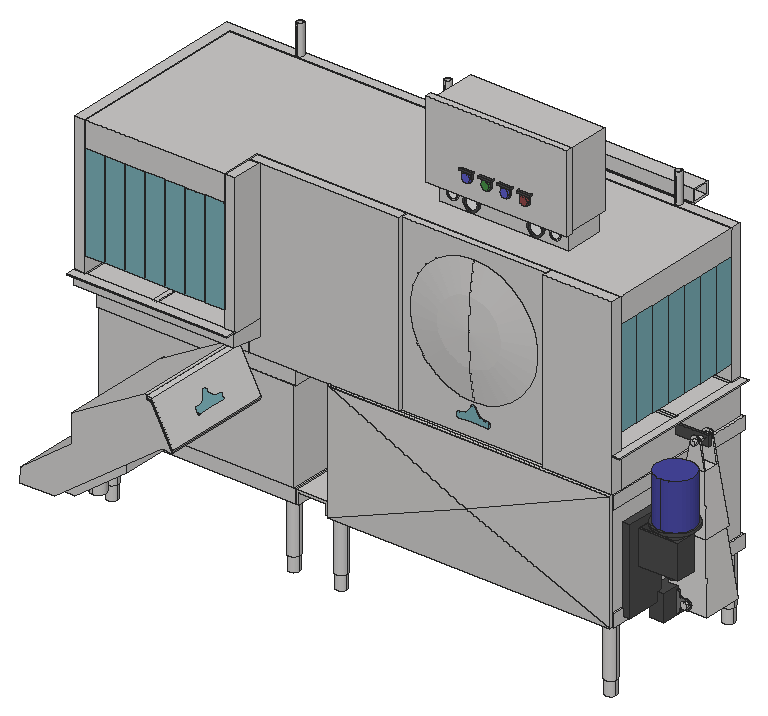
Revit family
Parameters (values of type "480/60/3")
  Width = 6' - 8"
  Weight in Pounds = 1450
  Watts = 15000 W
  Watermarked By = "http://revitwatermark.com"
  Waste Water Discharge Temperature [instance] = -459.67 °F
  Volts = 480 V
  Ventilation Remarks [instance] = ""
  URL Cutsheet = ""
  URL = "www.stero.com"
  Total Height = 5' - 10 1/2"
  Table Height = 2' - 10"
  Swing Doors [instance] = no
  Status [instance] = ""
  Standard Doors [instance] = not(Swing Doors)  # yes
  Specification by User [instance] = ""
  Specification by Manufacturer = ""
  Serial Number [instance] = ""
  Seismic Rating [instance] = ""
  SMACNA No [instance] = ""
  Right Ventilation Remarks [instance] = ""
  Right Vent [instance] = no
  Right Exhaust Volume [instance] = if(Right Vent, 400 CFM, 0 CFM)  # 0 CFM
  Right Exhaust Vent Width = 0' - 3 7/8"
  Right Exhaust Vent Text = "Vent, Unload End"
  Right Exhaust Vent Depth = 2' - 0 7/8"
  Right Exhaust Static Press = 0.00 in-wg
  Right Exhaust RI Height [instance] = 0' - 0"
  Right Exhaust Item Number [instance] = "-"
  Right Drain [instance] = no
  Revision Code [instance] = ""
  Plumbing Remarks [instance] = ""
  Plumbing Connection Type [instance] = ""
  Phase = 3
  Number of Poles [instance] = 3
  No Left Vent [instance] = not(Left Vent)  # yes
  NAFEM Spec ID Number [instance] = ""
  Model = "ER-76SC"
  Masterspec = ""
  Manufacturer = "Stero"
  Machine Height = 4' - 7 1/2"
  Left Vent [instance] = no
  Left Drain [instance] = not(Right Drain)  # yes
  Item Number [instance] = "-"
  Installed By [instance] = ""
  Indirect Waste Size = 2"
  Indirect Waste Flow [instance] = 0.00 GPM
  Indirect Waste Connection Type [instance] = ""
  Indirect Waste Connection Height = 0' - 6"
  Hot Water Temperature = 180 °F
  Hot Water Size = 3/4"
  Hot Water RI Height [instance] = 0' - 0"
  Hot Water Minimum Pressure = 20.00 psi
  Hot Water Maximum Pressure = 20.00 psi
  Hot Water Flow = 1.97 GPM
  Hot Water Consumption = 1.97 GPM
  Hot Water Connection Height = 5' - 0"
  HP = "3.58"
  Furnished By [instance] = ""
  Foodservice Equipment Identifier [instance] = yes
  FL Amps = 25 A
  Exhaust Volume [instance] = if(Left Vent, 200 CFM, 0 CFM)  # 0 CFM
  Exhaust Vent Width = 2' - 0 7/8"
  Exhaust Vent Text = "Vent, Load End"
  Exhaust Vent Depth = 0' - 3 7/8"
  Exhaust Static Press = 0.00 in-wg
  Exhaust RI Height [instance] = 0' - 0"
  Electrical Remarks [instance] = ""
  Electric Connection Type [instance] = ""
  Elec Conn RI Height [instance] = 0' - 0"
  Elec Conn Connection Height = 5' - 8 1/2"
  Double Door Opening [instance] = if(Swing Doors, 3' 0", 1' 10 1/2")  # 1' - 10 1/2"
  Description = "Rack Conveyor Series"
  Depth = 2' - 5 3/4"
  Cycle = 60 Hz
  Conn Conduit = yes
  Cold Water Temperature Recommended [instance] = -459.67 °F
  Cold Water Size = 3/4"
  Cold Water RI Height [instance] = 0' - 0"
  Cold Water Minimum Pressure [instance] = 0.00 psi
  Cold Water Maximum Pressure [instance] = 0.00 psi
  Cold Water Flow [instance] = 0.00 GPM
  Cold Water Consumption [instance] = ""
  Cold Water Connection Height = 5' - 0"
  CSI MasterFormat = "11 48 13"
  Building Plumbing Remarks [instance] = ""
  Building Hot Water Temperature = 140 °F
  Building Hot Water Size = 3/4"
  Building Hot Water RI Height [instance] = 0' - 0"
  Building Hot Water Minimum Pressure [instance] = 0.00 psi
  Building Hot Water Maximum Pressure [instance] = 0.00 psi
  Building Hot Water Flow [instance] = 0.00 GPM
  Building Hot Water Consumption [instance] = 0.00 GPM
  Building Hot Water Connection Height = 5' - 0"
  Building HW Item Number [instance] = "-"
  Assembly Code = "E1090320"
  Apparent Power = if(Phase = 3, Volts * FL Amps * 1.73, Volts * FL Amps)  # 20760 VA
Reference planes (in)
  plane 1: z = 0
  plane 2 "Left of 44": x = 2.32772
  plane 3 "BACK": y = -48
  plane 4 "TOP": z = 70.5
  plane 5 "RIGHT": x = 46.32772
  plane 6 "Front of 44": y = -73
  plane 7 "Left of Top": x = 2.57772
  plane 8 "Right of Top": x = 46.07772
  plane 9 "Right of Ledge": x = 47.57772
  plane 10 "Right End Cowl": x = 56.07772
  plane 11: x = 49.14022
  plane 12 "Bottom of Machine": z = 10
  plane 13 "Table Height": z = 34
  plane 14 "Top of Machine": z = 55.5
  plane 15 "Panel Top": z = 28.5
  plane 16: z = 12
  plane 17: y = -73.5
  plane 18: y = -47.5
  plane 19: x = 2.07772
  plane 20: x = 46.57772
  plane 21: y = -49.625
  plane 22: y = -71.375
  plane 23 "Door Center": x = 24.32772
  plane 24: x = 13.07772
  plane 25: x = 35.57772
  plane 26 "Top of Opening": z = 51.5
  plane 27: z = 2.25
  plane 28: x = 14.32772
  plane 29: x = 34.32772
  plane 30: x = 13.32772
  plane 31: x = 35.32772
  plane 32 "Front of Lower Panel": y = -66.5
  plane 33: y = -60.5
  plane 34: y = -67
  plane 35 "Back of Panel": y = -60
  plane 36 "Front of Upper Panel": y = -68
  plane 37: x = 13.82772
  plane 38: x = 34.82772
  plane 39: x = 55.95272
  plane 40: x = 53.01522
  plane 41: y = -48.0625
  plane 42: y = -72.9375
  plane 43 "Top of Vents": z = 59.5
  plane 44: x = 9.82772
  plane 45: x = 38.82772
  plane 46: y = -45
  plane 47: z = 57.5
  plane 48: y = -43
  plane 49: z = 84.5
  plane 50 "LEFT": x = -33.67228
  plane 51: x = -34.04728
  plane 52: x = -3.29728
  plane 53: x = -2.92228
  plane 54 "FRONT": y = -77.75
  plane 55: y = -79.25
  plane 56: y = -77.9375
  plane 57: y = -80.8125
  plane 58: y = -84.6875
  plane 59: y = -87.75
  plane 60: y = -87.625
  plane 61: x = -32.04728
  plane 62: x = -10.29728
  plane 63: x = -8.67228
  plane 64: y = -73.8125
  plane 65: y = -91
  plane 66: z = 19.25
  plane 67: z = 23.25
  plane 68: x = -23.54728
  plane 69: x = -19.54728
  plane 70: y = -51
  plane 71: y = -80
  plane 72: x = -28.17228
  plane 73: z = 8.5
  plane 74: x = -34.67228
  plane 75: x = 13.32772
  plane 76: x = 35.32772
  plane 77: x = 25.76522
  plane 78: x = 24.39022
  plane 79: x = 24.26522
  plane 80: x = 22.89022
Forms (in)
  Extrusion 1, solid, material "QF_Finishes_Stainless Steel"
    sketch origin (0, 0, 10) x (0, 1, 0) y (-1, 0, 0)
      loop
        line (-47.5, -2.07772) -> (-73, -2.07772) -> (-73, -46.57772) -> (-47.5, -46.57772) -> (-47.5, -2.07772)
    from 0 to 2
  Extrusion 2, solid, material "QF_Finishes_Stainless Steel"
    sketch origin (0, 0, 28.5) x (0, 1, 0) y (-1, 0, 0)
      loop
        line (-48, -2.32772) -> (-73, -2.32772) -> (-73, -46.32772) -> (-48, -46.32772) -> (-48, -2.32772)
    from -2 to -16.5
  Extrusion 3, solid, material "QF_Finishes_Stainless Steel"
    sketch origin (0, 0, 34) x (0, 1, 0) y (-1, 0, 0)
      loop
        line (-48, -46.32772) -> (-73, -46.32772) -> (-73, -47.57772) -> (-48, -47.57772) -> (-48, -46.32772)
    from 0 to -0.125
  Extrusion 4, solid, material "QF_Finishes_Stainless Steel"
    sketch origin (0, 0, 34) x (0, 1, 0) y (-1, 0, 0)
      loop
        line (-48, 33.67228) -> (-73, 33.67228) -> (-73, 10.29728) -> (-71.375, 10.29728) -> (-71.375, -46.32772) -> (-48, -46.32772) -> (-48, 33.67228)
    from -0.25 to -5.5
  Extrusion 5, solid, material "QF_Finishes_Stainless Steel"
    sketch origin (0, 0, 34) x (0, 1, 0) y (-1, 0, 0)
      loop
        arc (-60.25, 17.92228) -> (-61.27513, 20.39716) -> (-63.75, 21.42228) r 3.5
        line (-63.75, 21.42228) -> (-77.75, 21.42228) -> (-77.75, 20.92228) -> (-63.75, 20.92228)
        arc (-63.75, 20.92228) -> (-61.62868, 20.0436) -> (-60.75, 17.92228) r 3
        line (-60.75, 17.92228) -> (-60.75, -46.32772) -> (-60.25, -46.32772) -> (-60.25, 17.92228)
      loop
        line (-48, 33.67228) -> (-77.75, 33.67228) -> (-77.75, 32.04728) -> (-49.625, 32.04728) -> (-49.625, -46.32772) -> (-48, -46.32772) -> (-48, 33.67228)
    from 0 to -0.25
  Extrusion 6, solid, material "QF_Finishes_Stainless Steel"
    sketch origin (0, 0, 55.5) x (0, 1, 0) y (-1, 0, 0)
      loop
        line (-49.625, 32.04728) -> (-77.75, 32.04728) -> (-77.75, 10.29728) -> (-71.375, 10.29728) -> (-71.375, -46.32772) -> (-49.625, -46.32772) -> (-49.625, 32.04728)
    from 0 to -4
  Extrusion 7, solid, material "QF_Finishes_Stainless Steel"
    sketch origin (0, 0, 55.5) x (0, 1, 0) y (-1, 0, 0)
      loop
        line (-48, 33.67228) -> (-77.75, 33.67228) -> (-77.75, 32.04728) -> (-49.625, 32.04728) -> (-49.625, -46.32772) -> (-48, -46.32772) -> (-48, 33.67228)
    from 0 to -21.5
  Blend 8, solid, material "QF_Finishes_Stainless Steel"
    base sketch origin (-15.01335, -74, 48) x (-1, 0, 0) y (0, 0, 1)
      loop
        line (-17.34107, -19.5) -> (-61.34107, -19.5) -> (-61.34107, -38) -> (-17.34107, -38) -> (-17.34107, -19.5)
    top sketch origin (-15.01335, -74, 48) x (-1, 0, 0) y (0, 0, 1)
      loop
        line (-39.37232, -28.71875) -> (-39.37232, -28.78125) -> (-39.30982, -28.78125) -> (-39.30982, -28.71875) -> (-39.37232, -28.71875)
    from 0.5 to 0
  Extrusion 9, solid, material "QF_Finishes_Stainless Steel"
    sketch origin (0, 0, 10) x (0, 1, 0) y (-1, 0, 0)
      loop
        line (-73, -2.32772) -> (-73.5, -2.32772) -> (-73.5, -46.32772) -> (-73, -46.32772) -> (-73, -2.32772)
    from 0 to 18.5
  Extrusion 10, solid, material "QF_Finishes_Stainless Steel"
    sketch origin (0, -73, 0) x (-1, 0, 0) y (0, 0, 1)
      loop
        line (-35.57772, 55.5) -> (-46.32772, 55.5) -> (-46.32772, 28.5) -> (-35.57772, 28.5) -> (-35.57772, 55.5)
    from 0 to 1.625
  Extrusion 11, solid, material "QF_Finishes_Stainless Steel", visible <- "Standard Doors"
    sketch origin (0, 0, 55.5) x (0, 1, 0) y (-1, 0, 0)
      loop
        line (-71.375, -13.07772) -> (-72.5, -13.07772) -> (-72.5, -35.57772) -> (-71.375, -35.57772) -> (-71.375, -13.07772)
    from 0 to -27
  Revolve 12, solid, material "QF_Finishes_Stainless Steel", visible <- "Standard Doors"
    sketch origin (24.32772, 0, 0) x (0, 1, 0) y (0, 0, 1)
      loop
        line (-72.5, 43.5) -> (-72.5, 53.5)
        arc (-72.5, 53.5) -> (-73.26244, 48.52624) -> (-73.5, 43.5) r 48
        line (-73.5, 43.5) -> (-72.5, 43.5)
      axis (-72.5, 43.5) -> (-73.5, 43.5)
    angle from 0 to 360
  Extrusion 13, solid, material "QF_Finishes_Stainless Steel"
    sketch origin (0, 0, 0) x (1, 0, 0) y (0, 1, 0)
      loop
        circle (3.32772, -49) r 0.8125
    from 0 to 2.25
  Extrusion 14, solid, material "QF_Finishes_Stainless Steel"
    sketch origin (0, 0, 0) x (1, 0, 0) y (0, 1, 0)
      loop
        circle (3.32772, -49) r 0.9375
    from 2.25 to 10
  Extrusion 15, solid, material "QF_Finishes_Stainless Steel"
    sketch origin (48.65544, 0, 0) x (-1, 0, 0) y (0, -1, 0)
      loop
        circle (3.32772, 49) r 0.8125
    from 0 to 2.25
  Extrusion 16, solid, material "QF_Finishes_Stainless Steel"
    sketch origin (48.65544, 0, 0) x (-1, 0, 0) y (0, -1, 0)
      loop
        circle (3.32772, 49) r 0.9375
    from 2.25 to 10
  Extrusion 17, solid, material "QF_Finishes_Stainless Steel"
    sketch origin (0, -121, 0) x (1, 0, 0) y (0, 1, 0)
      loop
        circle (3.32772, 49) r 0.8125
    from 0 to 2.25
  Extrusion 18, solid, material "QF_Finishes_Stainless Steel"
    sketch origin (0, -121, 0) x (1, 0, 0) y (0, 1, 0)
      loop
        circle (3.32772, 49) r 0.9375
    from 2.25 to 10
  Extrusion 19, solid, material "QF_Finishes_Stainless Steel"
    sketch origin (48.65544, -121, 0) x (-1, 0, 0) y (0, -1, 0)
      loop
        circle (3.32772, -49) r 0.8125
    from 0 to 2.25
  Extrusion 20, solid, material "QF_Finishes_Stainless Steel"
    sketch origin (48.65544, -121, 0) x (-1, 0, 0) y (0, -1, 0)
      loop
        circle (3.32772, -49) r 0.9375
    from 2.25 to 10
  Extrusion 21, solid, material "QF_Finishes_Light Blue"
    sketch origin (0, 0, 51.5) x (0, 1, 0) y (-1, 0, 0)
      loop
        line (-49.625, -46.32772) -> (-49.625, -46.20272) -> (-52.625, -46.20272) -> (-52.625, -46.32772) -> (-49.625, -46.32772)
      loop
        line (-52.75, -46.32772) -> (-52.75, -46.20272) -> (-55.75, -46.20272) -> (-55.75, -46.32772) -> (-52.75, -46.32772)
      loop
        line (-55.875, -46.32772) -> (-55.875, -46.20272) -> (-58.875, -46.20272) -> (-58.875, -46.32772) -> (-55.875, -46.32772)
      loop
        line (-59, -46.32772) -> (-59, -46.20272) -> (-62, -46.20272) -> (-62, -46.32772) -> (-59, -46.32772)
      loop
        line (-62.125, -46.32772) -> (-62.125, -46.20272) -> (-65.125, -46.20272) -> (-65.125, -46.32772) -> (-62.125, -46.32772)
      loop
        line (-65.25, -46.32772) -> (-65.25, -46.20272) -> (-68.25, -46.20272) -> (-68.25, -46.32772) -> (-65.25, -46.32772)
      loop
        line (-68.375, -46.32772) -> (-68.375, -46.20272) -> (-71.375, -46.20272) -> (-71.375, -46.32772) -> (-68.375, -46.32772)
    from 0 to -15
  Extrusion 22, solid, material "QF_Finishes_Stainless Steel"
    sketch origin (0, 0, 55.5) x (0, 1, 0) y (-1, 0, 0)
      loop
        line (-60.5, -14.32772) -> (-66.5, -14.32772) -> (-66.5, -34.32772) -> (-60.5, -34.32772) -> (-60.5, -14.32772)
    from 0 to 3.5
  Extrusion 23, solid, material "QF_Finishes_Stainless Steel"
    sketch origin (0, 0, 55.5) x (0, 1, 0) y (-1, 0, 0)
      loop
        line (-60, -13.82772) -> (-67, -13.82772) -> (-67, -34.82772) -> (-60, -34.82772) -> (-60, -13.82772)
    from 3 to 14.5
  Extrusion 24, solid, material "QF_Finishes_Stainless Steel"
    sketch origin (0, 0, 55.5) x (0, 1, 0) y (-1, 0, 0)
      loop
        line (-67, -13.32772) -> (-68, -13.32772) -> (-68, -35.32772) -> (-67, -35.32772) -> (-67, -13.32772)
    from 3 to 15
  Extrusion 25, solid, material "QF_Finishes_Black"
    sketch origin (0, -66.5, 0) x (-1, 0, 0) y (0, 0, 1)
      loop
        circle (-19.32772, 57) r 1.25
      loop
        circle (-19.32772, 57) r 1
    from 0 to -0.25
  Extrusion 26, solid, material "QF_Finishes_Stainless Steel"
    sketch origin (0, -66.5, 0) x (-1, 0, 0) y (0, 0, 1)
      loop
        circle (-16.32772, 57.25) r 0.75
      loop
        circle (-16.32772, 57.25) r 0.875
    from 0 to -0.125
  Extrusion 27, solid, material "QF_Finishes_White"
    sketch origin (0, -66.5, 0) x (-1, 0, 0) y (0, 0, 1)
      loop
        circle (-16.32772, 57.25) r 0.75
    from 0 to -0.0625
  Extrusion 28, solid, material "QF_Finishes_White"
    sketch origin (0, -66.5, 0) x (-1, 0, 0) y (0, 0, 1)
      loop
        circle (-19.32772, 57) r 1
    from 0 to -0.0625
  Extrusion 29, solid, material "QF_Finishes_Black"
    sketch origin (48.65544, -66.5, 0) x (1, 0, 0) y (0, 0, -1)
      loop
        circle (-19.32772, -57) r 1.25
      loop
        circle (-19.32772, -57) r 1
    from 0 to -0.25
  Extrusion 30, solid, material "QF_Finishes_Stainless Steel"
    sketch origin (48.65544, -66.5, 0) x (1, 0, 0) y (0, 0, -1)
      loop
        circle (-16.32772, -57.25) r 0.75
      loop
        circle (-16.32772, -57.25) r 0.875
    from 0 to -0.125
  Extrusion 31, solid, material "QF_Finishes_White"
    sketch origin (48.65544, -66.5, 0) x (1, 0, 0) y (0, 0, -1)
      loop
        circle (-16.32772, -57.25) r 0.75
    from 0 to -0.0625
  Extrusion 32, solid, material "QF_Finishes_White"
    sketch origin (48.65544, -66.5, 0) x (1, 0, 0) y (0, 0, -1)
      loop
        circle (-19.32772, -57) r 1
    from 0 to -0.0625
  Extrusion 33, solid, material "QF_Finishes_Black"
    sketch origin (0, -68, 0) x (-1, 0, 0) y (0, 0, 1)
      loop
        line (-23.82772, 62.5) -> (-23.82772, 62.25) -> (-21.82772, 62.25) -> (-21.82772, 62.5) -> (-23.82772, 62.5)
      loop
        line (-20.82772, 62.5) -> (-20.82772, 62.25) -> (-18.82772, 62.25) -> (-18.82772, 62.5) -> (-20.82772, 62.5)
      loop
        line (-24.82772, 62.5) -> (-26.82772, 62.5) -> (-26.82772, 62.25) -> (-24.82772, 62.25) -> (-24.82772, 62.5)
      loop
        line (-27.82772, 62.5) -> (-29.82772, 62.5) -> (-29.82772, 62.25) -> (-27.82772, 62.25) -> (-27.82772, 62.5)
    from 0 to -0.5
  Extrusion 34, solid, material "QF_Finishes_Navy Blue"
    sketch origin (0, -68, 0) x (-1, 0, 0) y (0, 0, 1)
      loop
        circle (-19.82772, 61.375) r 0.625
    from -0.125 to -0.375
  Extrusion 35, solid, material "QF_Finishes_LED Green"
    sketch origin (3, -68, 0) x (-1, 0, 0) y (0, 0, 1)
      loop
        circle (-19.82772, 61.375) r 0.625
    from -0.125 to -0.375
  Extrusion 36, solid, material "QF_Finishes_Navy Blue"
    sketch origin (6, -68, 0) x (-1, 0, 0) y (0, 0, 1)
      loop
        circle (-19.82772, 61.375) r 0.625
    from -0.125 to -0.375
  Extrusion 37, solid, material "QF_Finishes_LED Red"
    sketch origin (9, -68, 0) x (-1, 0, 0) y (0, 0, 1)
      loop
        circle (-19.82772, 61.375) r 0.625
    from -0.125 to -0.375
  Extrusion 38, solid, material "QF_Finishes_Black"
    sketch origin (0, -68, 0) x (-1, 0, 0) y (0, 0, 1)
      loop
        arc (-20.57772, 61.375) -> (-19.82772, 60.625) -> (-19.07772, 61.375) r 0.75
        line (-19.07772, 61.375) -> (-19.07772, 62.25) -> (-20.57772, 62.25) -> (-20.57772, 61.375)
      loop
        arc (-23.57772, 61.375) -> (-22.82772, 60.625) -> (-22.07772, 61.375) r 0.75
        line (-22.07772, 61.375) -> (-22.07772, 62.25) -> (-23.57772, 62.25) -> (-23.57772, 61.375)
      loop
        arc (-26.57772, 61.375) -> (-25.82772, 60.625) -> (-25.07772, 61.375) r 0.75
        line (-25.07772, 61.375) -> (-25.07772, 62.25) -> (-26.57772, 62.25) -> (-26.57772, 61.375)
      loop
        arc (-29.57772, 61.375) -> (-28.82772, 60.625) -> (-28.07772, 61.375) r 0.75
        line (-28.07772, 61.375) -> (-28.07772, 62.25) -> (-29.57772, 62.25) -> (-29.57772, 61.375)
    from 0 to -0.125
  Extrusion 39, solid, material "QF_Finishes_Light Blue", visible <- "Standard Doors"
    sketch origin (0, -73, 0) x (-1, 0, 0) y (0, 0, 1)
      loop
        line (-23.71645, 30.65632) -> (-22.08461, 30.57309)
        arc (-22.08461, 30.57309) -> (-21.90443, 30.64773) -> (-21.82979, 30.82792) r 0.25483
        line (-21.82979, 30.82792) -> (-21.82979, 31.31285)
        arc (-21.82979, 31.31285) -> (-21.90343, 31.49062) -> (-22.08121, 31.56426) r 0.25142
        arc (-22.08121, 31.56426) -> (-23.22593, 31.7803) -> (-23.90311, 32.72819) r 1.56264
        arc (-23.90311, 32.72819) -> (-24.31726, 33.06213) -> (-24.74741, 32.74907) r 0.43733
        arc (-24.74741, 32.74907) -> (-25.42049, 31.78611) -> (-26.57423, 31.56426) r 1.56264
        arc (-26.57423, 31.56426) -> (-26.75201, 31.49062) -> (-26.82565, 31.31285) r 0.25142
        line (-26.82565, 31.31285) -> (-26.82565, 30.82792)
        arc (-26.82565, 30.82792) -> (-26.75101, 30.64773) -> (-26.57082, 30.57309) r 0.25483
        line (-26.57082, 30.57309) -> (-24.93898, 30.65632)
        arc (-24.93898, 30.65632) -> (-24.32772, 30.6719) -> (-23.71645, 30.65632) r 12
    from 0.5 to 0.4375
  Extrusion 40, solid, material "QF_Finishes_Stainless Steel", visible <- "Right Vent"
    sketch origin (46.07772, 0, 0) x (0, -1, 0) y (0, 0, 1)
      loop
        line (73, 55.5) -> (48, 55.5) -> (48, 50.5625) -> (49.625, 48.9375) -> (49.625, 49.11428) -> (48.125, 50.61428) -> (48.125, 55.375) -> (72.875, 55.375) -> (72.875, 39.17678) -> (71.375, 37.67678) -> (71.375, 37.5) -> (73, 39.125) -> (73, 55.5)
    from 0 to -9.875
  Extrusion 41, solid, material "QF_Finishes_Stainless Steel", visible <- "Right Vent"
    sketch origin (56.07772, 0, 0) x (0, 1, 0) y (0, 0, 1)
      loop
        line (-71.375, 37.5) -> (-71.375, 51.5) -> (-49.625, 51.5) -> (-49.625, 48.9375) -> (-48, 50.5625) -> (-48, 55.5) -> (-73, 55.5) -> (-73, 39.125) -> (-71.375, 37.5)
    from 0 to -0.125
  Extrusion 42, solid, material "QF_Finishes_Stainless Steel", visible <- "Right Vent"
    sketch origin (48.65544, 0, 55.5) x (0, 1, 0) y (-1, 0, 0)
      loop
        line (-48.0625, -4.35978) -> (-48.0625, -0.48478) -> (-72.9375, -0.48478) -> (-72.9375, -4.35978) -> (-48.0625, -4.35978)
      loop
        line (-48.1875, -4.23478) -> (-48.1875, -0.60978) -> (-72.8125, -0.60978) -> (-72.8125, -4.23478) -> (-48.1875, -4.23478)
    from 0 to 4
  Extrusion 43, void
    sketch origin (0, 0, 55.5) x (0, 1, 0) y (-1, 0, 0)
      loop
        line (-48.1875, -49.26522) -> (-72.8125, -49.26522) -> (-72.8125, -52.89022) -> (-48.1875, -52.89022) -> (-48.1875, -49.26522)
    from 0 to -0.125
  Extrusion 44, solid, material "QF_Finishes_Black"
    sketch origin (0, -73, 0) x (-1, 0, 0) y (0, 0, 1)
      loop
        line (-46.57772, 12) -> (-46.32772, 12) -> (-46.32772, 23.9375) -> (-47.70272, 23.9375) -> (-47.70272, 10.9375) -> (-46.57772, 10.9375) -> (-46.57772, 12)
    from 1.8125 to 7.8125
  Extrusion 45, solid, material "QF_Finishes_Black"
    sketch origin (0, 0, 10) x (0, 1, 0) y (-1, 0, 0)
      loop
        line (-66.875, -52.32772) -> (-66.875, -47.95272) -> (-69.5, -47.95272) -> (-69.5, -52.32772)
        arc (-69.5, -52.32772) -> (-68.1875, -51.01522) -> (-66.875, -52.32772) r 1.3125
      loop
        line (-69.75, -53.95272) -> (-66.625, -53.95272) -> (-66.625, -47.70272) -> (-69.75, -47.70272) -> (-69.75, -53.95272)
    from 7.6875 to 12.9375
  Extrusion 46, solid, material "QF_Finishes_Black"
    sketch origin (0, 0, 10) x (0, 1, 0) y (-1, 0, 0)
      loop
        circle (-68.1875, -52.32772) r 1.0625
    from 7.1875 to 7.6875
  Extrusion 47, solid, material "QF_Finishes_Black"
    sketch origin (0, 0, 10) x (0, 1, 0) y (-1, 0, 0)
      loop
        circle (-68.1875, -52.32772) r 1.3125
    from 12.9375 to 13.4375
  Blend 48, solid, material "QF_Finishes_Black"
    base sketch origin (0, 0, 10) x (0, 1, 0) y (-1, 0, 0)
      loop
        circle (-68.1875, -52.32772) r 1.3125
    top sketch origin (0, 0, 10) x (0, 1, 0) y (-1, 0, 0)
      loop
        circle (-68.1875, -52.32772) r 2.0625
    from 13.4375 to 14.4375
  Extrusion 49, solid, material "QF_Finishes_Black"
    sketch origin (0, 0, 10) x (0, 1, 0) y (-1, 0, 0)
      loop
        circle (-68.1875, -52.32772) r 3.25
    from 14.4375 to 14.8125
  Extrusion 50, solid, material "QF_Finishes_Blue"
    sketch origin (0, 0, 10) x (0, 1, 0) y (-1, 0, 0)
      loop
        circle (-68.1875, -52.32772) r 2.875
    from 14.8125 to 21.9375
  Extrusion 51, solid, material "QF_Finishes_Black"
    sketch origin (0, -73, 0) x (-1, 0, 0) y (0, 0, 1)
      loop
        line (-46.32772, 33.1875) -> (-51.57772, 33.1875) -> (-51.57772, 31.6875) -> (-46.32772, 31.6875) -> (-46.32772, 33.1875)
      loop
        circle (-50.32772, 32.4375) r 0.375
    from 12.3125 to 12.6875
  Extrusion 52, solid, material "QF_Finishes_Black"
    sketch origin (0, -73, 0) x (-1, 0, 0) y (0, 0, 1)
      loop
        line (-46.32772, 12) -> (-46.32772, 12.4375) -> (-48.82772, 12.4375) -> (-48.82772, 8.4375) -> (-46.57772, 8.4375) -> (-46.57772, 12) -> (-46.32772, 12)
    from 7 to 18
  Extrusion 53, solid, material "QF_Finishes_Dark Grey"
    sketch origin (0, -73, 0) x (-1, 0, 0) y (0, 0, 1)
      loop
        line (-48.82772, 12.125) -> (-49.07772, 12.125)
        arc (-49.07772, 12.125) -> (-49.2545, 12.05178) -> (-49.32772, 11.875) r 0.25
        line (-49.32772, 11.875) -> (-49.32772, 11.5625)
        arc (-49.32772, 11.5625) -> (-49.43755, 11.29733) -> (-49.70272, 11.1875) r 0.375
        line (-49.70272, 11.1875) -> (-50.32772, 11.1875)
        arc (-50.32772, 11.1875) -> (-51.07772, 10.4375) -> (-50.32772, 9.6875) r 0.75
        line (-50.32772, 9.6875) -> (-49.70272, 9.6875)
        arc (-49.70272, 9.6875) -> (-49.43755, 9.57767) -> (-49.32772, 9.3125) r 0.375
        line (-49.32772, 9.3125) -> (-49.32772, 9)
        arc (-49.32772, 9) -> (-49.2545, 8.82322) -> (-49.07772, 8.75) r 0.25
        line (-49.07772, 8.75) -> (-48.82772, 8.75) -> (-48.82772, 12.125)
      loop
        circle (-50.32772, 10.4375) r 0.5
    from 9.375 to 9.5
  Extrusion 54, solid, material "QF_Finishes_Dark Grey"
    sketch origin (0, -66.875, 0) x (-1, 0, 0) y (0, 0, 1)
      loop
        line (-48.82772, 12.125) -> (-49.07772, 12.125)
        arc (-49.07772, 12.125) -> (-49.2545, 12.05178) -> (-49.32772, 11.875) r 0.25
        line (-49.32772, 11.875) -> (-49.32772, 11.5625)
        arc (-49.32772, 11.5625) -> (-49.43755, 11.29733) -> (-49.70272, 11.1875) r 0.375
        line (-49.70272, 11.1875) -> (-50.32772, 11.1875)
        arc (-50.32772, 11.1875) -> (-51.07772, 10.4375) -> (-50.32772, 9.6875) r 0.75
        line (-50.32772, 9.6875) -> (-49.70272, 9.6875)
        arc (-49.70272, 9.6875) -> (-49.43755, 9.57767) -> (-49.32772, 9.3125) r 0.375
        line (-49.32772, 9.3125) -> (-49.32772, 9)
        arc (-49.32772, 9) -> (-49.2545, 8.82322) -> (-49.07772, 8.75) r 0.25
        line (-49.07772, 8.75) -> (-48.82772, 8.75) -> (-48.82772, 12.125)
      loop
        circle (-50.32772, 10.4375) r 0.5
    from 9.375 to 9.5
  Extrusion 55, solid, material "QF_Finishes_Stainless Steel"
    sketch origin (0, -73, 0) x (-1, 0, 0) y (0, 0, 1)
      loop
        circle (-50.32772, 32.4375) r 0.375
      loop
        line (-51.06584, 32.57045) -> (-51.76522, 28.6875) -> (-48.89022, 28.6875) -> (-49.5896, 32.57045)
        arc (-49.5896, 32.57045) -> (-50.32772, 33.1875) -> (-51.06584, 32.57045) r 0.75
    from 11.25 to 11.375
  Extrusion 56, solid, material "QF_Finishes_Stainless Steel"
    sketch origin (0, -48, 0) x (-1, 0, 0) y (0, 0, -1)
      loop
        circle (-50.32772, -32.4375) r 0.375
      loop
        arc (-51.06584, -32.57045) -> (-50.32772, -33.1875) -> (-49.5896, -32.57045) r 0.75
        line (-49.5896, -32.57045) -> (-48.89022, -28.6875) -> (-51.76522, -28.6875) -> (-51.06584, -32.57045)
    from 11.25 to 11.375
  Extrusion 57, solid, material "QF_Finishes_Stainless Steel"
    sketch origin (0, -73, 0) x (-1, 0, 0) y (0, 0, 1)
      loop
        circle (-50.32772, 32.4375) r 0.375
    from 10.75 to 14.25
  Blend 58, solid, material "QF_Finishes_Stainless Steel"
    base sketch origin (0, 0, 34) x (0, 1, 0) y (-1, 0, 0)
      loop
        line (-58.25, -47.89022) -> (-62.75, -47.89022) -> (-62.75, -52.76522) -> (-58.25, -52.76522) -> (-58.25, -47.89022)
    top sketch origin (0, 0, 34) x (0, 1, 0) y (-1, 0, 0)
      loop
        line (-59.25, -48.89022) -> (-61.75, -48.89022) -> (-61.75, -51.76522) -> (-59.25, -51.76522) -> (-59.25, -48.89022)
    from -14.0625 to -5.3125
  Blend 59, solid, material "QF_Finishes_Stainless Steel"
    base sketch origin (0, 0, 25.25) x (0, 1, 0) y (-1, 0, 0)
      loop
        line (-57.5, -47.14022) -> (-63.5, -47.14022) -> (-63.5, -53.51522) -> (-57.5, -53.51522) -> (-57.5, -47.14022)
    top sketch origin (0, 0, 25.25) x (0, 1, 0) y (-1, 0, 0)
      loop
        line (-58.5, -48.14022) -> (-62.5, -48.14022) -> (-62.5, -52.51522) -> (-58.5, -52.51522) -> (-58.5, -48.14022)
    from -15.5625 to -5.3125
  Extrusion 60, solid, material "QF_Finishes_Stainless Steel"
    sketch origin (0, -73, -22) x (-1, 0, 0) y (0, 0, 1)
      loop
        circle (-50.32772, 32.4375) r 0.5
    from 9 to 16
  Extrusion 61, solid, material "QF_Finishes_Stainless Steel"
    sketch origin (0, 0, 55.5) x (0, 1, 0) y (-1, 0, 0)
      loop
        circle (-48.75, -37.32772) r 0.375
      loop
        circle (-48.75, -37.32772) r 0.5
    from 0 to 4.5
  Extrusion 62, solid, material "QF_Finishes_Stainless Steel"
    sketch origin (2.32772, 0, 0) x (0, 1, 0) y (0, 0, 1)
      loop
        line (-45, 57.5) -> (-47.75, 57.5) -> (-47.75, 55.5) -> (-45, 55.5) -> (-45, 57.5)
      loop
        line (-45.125, 57.375) -> (-47.625, 57.375) -> (-47.625, 55.625) -> (-45.125, 55.625) -> (-45.125, 57.375)
    from 7.5 to 36.5
  Extrusion 63, solid, material "QF_Finishes_Stainless Steel"
    sketch origin (2.32772, 0, 0) x (0, 1, 0) y (0, 0, 1)
      loop
        line (-47.75, 55.5) -> (-47.75, 55.625) -> (-48, 55.625) -> (-48, 55.5) -> (-47.75, 55.5)
    from 7.5 to 36.5
  Extrusion 64, solid, material "QF_Finishes_Stainless Steel"
    sketch origin (0, -60, 0) x (-1, 0, 0) y (0, 0, 1)
      loop
        circle (-34.32772, 68.5) r 0.25
    from 0 to 0.0625
  Extrusion 65, solid, material "QF_Finishes_Stainless Steel"
    sketch origin (0, -1, 10) x (0, 1, 0) y (-1, 0, 0)
      loop
        circle (-50, -18.32772) r 1
      loop
        circle (-50, -18.32772) r 1.125
    from 0 to -4
  Extrusion 66, solid, material "QF_Finishes_Clearance", detail levels coarse
    sketch origin (0, 0, 0) x (1, 0, 0) y (0, 1, 0)
      loop
        line (-34.67228, -47.5) -> (9.82772, -47.5) -> (9.82772, -45) -> (38.82772, -45) -> (38.82772, -47.5) -> (47.57772, -47.5) -> (47.57772, -43) -> (-34.67228, -43) -> (-34.67228, -47.5)
    from 0 to 70.5
  Extrusion 67, solid, material "QF_Finishes_Clearance", visible <- "Standard Doors", detail levels coarse
    sketch origin (0, -73, 0) x (-1, 0, 0) y (0, 0, 1)
      loop
        line (-13.07772, 84.5) -> (-35.57772, 84.5) -> (-35.57772, 55.5) -> (-13.07772, 55.5) -> (-13.07772, 84.5)
    from 0 to 1.625
  Extrusion 68, solid, material "QF_Finishes_Clearance", visible <- "Right Vent", detail levels coarse
    sketch origin (0, 0, 0) x (1, 0, 0) y (0, 1, 0)
      loop
        line (47.57772, -43) -> (47.57772, -47.5) -> (56.07772, -47.5) -> (56.07772, -43) -> (47.57772, -43)
    from 0 to 70.5
  Extrusion 69, solid, material "QF_Finishes_Stainless Steel"
    sketch origin (-81.67228, -80.32772, 34) x (-1, 0, 0) y (0, -1, 0)
      loop
        line (-48, -2.57772) -> (-48, -1.07772) -> (-73, -1.07772) -> (-73, -2.57772) -> (-48, -2.57772)
    from 0 to -0.125
  Extrusion 70, solid, material "QF_Finishes_Stainless Steel", visible <- "Left Vent"
    sketch origin (-81.67228, -77.75, 0) x (-1, 0, 0) y (0, 0, 1)
      loop
        line (-73, 55.5) -> (-73, 39.125) -> (-71.375, 37.5) -> (-71.375, 37.67678) -> (-72.875, 39.17678) -> (-72.875, 55.375) -> (-48.125, 55.375) -> (-48.125, 50.61428) -> (-49.625, 49.11428) -> (-49.625, 48.9375) -> (-48, 50.5625) -> (-48, 55.5) -> (-73, 55.5)
    from 0 to -9.875
  Extrusion 71, solid, material "QF_Finishes_Stainless Steel", visible <- "Left Vent"
    sketch origin (-81.67228, -87.75, 0) x (-1, 0, 0) y (0, 0, 1)
      loop
        line (-71.375, 37.5) -> (-71.375, 51.5) -> (-49.625, 51.5) -> (-49.625, 48.9375) -> (-48, 50.5625) -> (-48, 55.5) -> (-73, 55.5) -> (-73, 39.125) -> (-71.375, 37.5)
    from 0 to 0.125
  Extrusion 72, solid, material "QF_Finishes_Stainless Steel", visible <- "Left Vent"
    sketch origin (-81.67228, -80.32772, 55.5) x (-1, 0, 0) y (0, -1, 0)
      loop
        line (-48.0625, 4.35978) -> (-72.9375, 4.35978) -> (-72.9375, 0.48478) -> (-48.0625, 0.48478) -> (-48.0625, 4.35978)
      loop
        line (-48.1875, 4.23478) -> (-72.8125, 4.23478) -> (-72.8125, 0.60978) -> (-48.1875, 0.60978) -> (-48.1875, 4.23478)
    from 0 to 4
  Extrusion 73, solid, material "QF_Finishes_Stainless Steel"
    sketch origin (0, 0, 26.5) x (0, 1, 0) y (-1, 0, 0)
      loop
        line (-47.5, -2.07772) -> (-73, -2.07772) -> (-73, -46.57772) -> (-47.5, -46.57772) -> (-47.5, -2.07772)
    from 0 to 2
  Extrusion 74, solid, material "QF_Finishes_Stainless Steel"
    sketch origin (-49.5, 0, 10) x (0, 1, 0) y (-1, 0, 0)
      loop
        line (-47.5, -15.45272) -> (-73, -15.45272) -> (-73, -46.57772) -> (-47.5, -46.57772) -> (-47.5, -15.45272)
    from 0 to 2
  Extrusion 75, solid, material "QF_Finishes_Stainless Steel"
    sketch origin (-49.5, 0, 26.5) x (0, 1, 0) y (-1, 0, 0)
      loop
        line (-47.5, -15.45272) -> (-73, -15.45272) -> (-73, -46.57772) -> (-47.5, -46.57772) -> (-47.5, -15.45272)
    from 0 to 2
  Extrusion 76, solid, material "QF_Finishes_Stainless Steel"
    sketch origin (-52.5, 0, 28.5) x (0, 1, 0) y (-1, 0, 0)
      loop
        line (-48, -18.82772) -> (-73, -18.82772) -> (-73, -49.20272) -> (-48, -49.20272) -> (-48, -18.82772)
    from -2 to -16.5
  Extrusion 77, solid, material "QF_Finishes_Light Blue"
    sketch origin (-81.67228, -31.42228, 51.5) x (-1, 0, 0) y (0, -1, 0)
      loop
        line (-49.625, 46.32772) -> (-52.625, 46.32772) -> (-52.625, 46.20272) -> (-49.625, 46.20272) -> (-49.625, 46.32772)
      loop
        line (-52.75, 46.32772) -> (-55.75, 46.32772) -> (-55.75, 46.20272) -> (-52.75, 46.20272) -> (-52.75, 46.32772)
      loop
        line (-55.875, 46.32772) -> (-58.875, 46.32772) -> (-58.875, 46.20272) -> (-55.875, 46.20272) -> (-55.875, 46.32772)
      loop
        line (-59, 46.32772) -> (-62, 46.32772) -> (-62, 46.20272) -> (-59, 46.20272) -> (-59, 46.32772)
      loop
        line (-62.125, 46.32772) -> (-65.125, 46.32772) -> (-65.125, 46.20272) -> (-62.125, 46.20272) -> (-62.125, 46.32772)
      loop
        line (-65.25, 46.32772) -> (-68.25, 46.32772) -> (-68.25, 46.20272) -> (-65.25, 46.20272) -> (-65.25, 46.32772)
      loop
        line (-68.375, 46.32772) -> (-71.375, 46.32772) -> (-71.375, 46.20272) -> (-68.375, 46.20272) -> (-68.375, 46.32772)
    from 0 to -15
  Extrusion 78, solid, material "QF_Finishes_Stainless Steel"
    sketch origin (-33.67228, 0, 0) x (0, 1, 0) y (0, 0, 1)
      loop
        line (-73, 33.75) -> (-77.9375, 33.75) -> (-77.9375, 31.875) -> (-73, 31.25) -> (-73, 33.75)
    from 0 to 25
  Extrusion 79, solid, material "QF_Finishes_Stainless Steel"
    sketch origin (0, 0, 55.5) x (0, 1, 0) y (-1, 0, 0)
      loop
        line (-73, -13.07772) -> (-71.375, -13.07772) -> (-71.375, 10.29728) -> (-73, 10.29728) -> (-73, -13.07772)
    from 0 to -27
  Extrusion 80, solid, material "QF_Finishes_Stainless Steel"
    sketch origin (0, 0, 55.5) x (0, 1, 0) y (-1, 0, 0)
      loop
        line (-73, 10.29728) -> (-77.75, 10.29728) -> (-77.75, 8.67228) -> (-73, 8.67228) -> (-73, 10.29728)
    from 0 to -21.75
  Extrusion 81, solid, material "QF_Finishes_Stainless Steel"
    sketch origin (-7.375, 0, 0) x (1, 0, 0) y (0, 1, 0)
      loop
        circle (3.32772, -49) r 0.8125
    from 0 to 2.25
  Extrusion 82, solid, material "QF_Finishes_Stainless Steel"
    sketch origin (-7.375, 0, 0) x (1, 0, 0) y (0, 1, 0)
      loop
        circle (3.32772, -49) r 0.9375
    from 2.25 to 10
  Extrusion 83, solid, material "QF_Finishes_Stainless Steel"
    sketch origin (-7.375, -121, 0) x (1, 0, 0) y (0, 1, 0)
      loop
        circle (3.32772, 49) r 0.8125
    from 0 to 2.25
  Extrusion 84, solid, material "QF_Finishes_Stainless Steel"
    sketch origin (-7.375, -121, 0) x (1, 0, 0) y (0, 1, 0)
      loop
        circle (3.32772, 49) r 0.9375
    from 2.25 to 10
  Extrusion 85, solid, material "QF_Finishes_Stainless Steel"
    sketch origin (-35.75, 0, 0) x (1, 0, 0) y (0, 1, 0)
      loop
        circle (3.32772, -49) r 0.8125
    from 0 to 2.25
  Extrusion 86, solid, material "QF_Finishes_Stainless Steel"
    sketch origin (-35.75, 0, 0) x (1, 0, 0) y (0, 1, 0)
      loop
        circle (3.32772, -49) r 0.9375
    from 2.25 to 10
  Extrusion 87, solid, material "QF_Finishes_Stainless Steel"
    sketch origin (-35.75, -121, 0) x (1, 0, 0) y (0, 1, 0)
      loop
        circle (3.32772, 49) r 0.8125
    from 0 to 2.25
  Extrusion 88, solid, material "QF_Finishes_Stainless Steel"
    sketch origin (-35.75, -121, 0) x (1, 0, 0) y (0, 1, 0)
      loop
        circle (3.32772, 49) r 0.9375
    from 2.25 to 10
  Extrusion 89, solid, material "QF_Finishes_Stainless Steel"
    sketch origin (0, -48, 0) x (1, 0, 0) y (0, 0, 1)
      loop
        line (-2.92228, 10) -> (-2.54728, 10) -> (-2.54728, 11.625) -> (1.70272, 11.625) -> (1.70272, 10) -> (2.07772, 10) -> (2.07772, 12) -> (-2.92228, 12) -> (-2.92228, 10)
    from 0 to 25
  Extrusion 90, solid, material "QF_Finishes_Stainless Steel"
    sketch origin (0, -73, 0) x (-1, 0, 0) y (0, 0, 1)
      loop
        line (23.54728, 23.25) -> (19.54728, 23.25) -> (19.54728, 19.25) -> (23.54728, 19.25) -> (23.54728, 23.25)
    from 0 to -0.8125
  Extrusion 91, solid, material "QF_Finishes_Stainless Steel"
    sketch origin (0, -73, 0) x (-1, 0, 0) y (0, 0, 1)
      loop
        line (31.54728, 10.75) -> (31.54728, 13) -> (23.54728, 19) -> (23.54728, 23.375) -> (12.08306, 29.99387)
        arc (12.08306, 29.99387) -> (11.89556, 29.99387) -> (11.80181, 29.83149) r 0.1875
        line (11.80181, 29.83149) -> (11.80181, 29.46875) -> (10.97958, 29.16948) -> (7.92148, 23.41803)
        arc (7.92148, 23.41803) -> (7.94388, 23.14847) -> (8.19845, 23.05707) r 0.25
        line (8.19845, 23.05707) -> (9.25583, 23.30118)
        arc (9.25583, 23.30118) -> (9.36377, 23.30219) -> (9.46207, 23.25759) r 0.25
        line (9.46207, 23.25759) -> (26.13886, 10.75) -> (31.54728, 10.75)
    from -0.8125 to -18
  Extrusion 92, solid, material "QF_Finishes_Stainless Steel"
    sketch origin (0, -73, 0) x (-1, 0, 0) y (0, 0, 1)
      loop
        line (16.33886, 16.77187) -> (24.36802, 10.75) -> (26.13886, 10.75) -> (16.33886, 18.1) -> (16.33886, 16.77187)
    from -2.3125 to -16.3125
  Extrusion 93, solid, material "QF_Finishes_Stainless Steel"
    sketch origin (0, -73, 0) x (-1, 0, 0) y (0, 0, 1)
      loop
        line (11.89556, 29.99387) -> (11.10762, 29.70708)
        arc (11.10762, 29.70708) -> (11.04873, 29.6724) -> (11.00619, 29.61891) r 0.1875
        line (11.00619, 29.61891) -> (7.75593, 23.50605)
        arc (7.75593, 23.50605) -> (7.78177, 23.42153) -> (7.86629, 23.44737) r 0.0625
        line (7.86629, 23.44737) -> (10.93566, 29.22001) -> (11.73931, 29.51251) -> (11.80181, 29.83149)
        arc (11.80181, 29.83149) -> (11.82693, 29.92524) -> (11.89556, 29.99387) r 0.1875
    from -0.8125 to -18
  Extrusion 94, solid, material "QF_Finishes_Light Blue"
    sketch origin (5.99791, -105.60897, -1.29612) x (0, -1, 0) y (-0.469472, 0, 0.882948)
      loop
        line (-22.69566, 30.65632) -> (-21.06382, 30.57309)
        arc (-21.06382, 30.57309) -> (-20.88363, 30.64773) -> (-20.809, 30.82792) r 0.25483
        line (-20.809, 30.82792) -> (-20.809, 31.31285)
        arc (-20.809, 31.31285) -> (-20.88264, 31.49062) -> (-21.06041, 31.56426) r 0.25142
        arc (-21.06041, 31.56426) -> (-22.20514, 31.7803) -> (-22.88232, 32.72819) r 1.56264
        arc (-22.88232, 32.72819) -> (-23.29647, 33.06213) -> (-23.72662, 32.74907) r 0.43733
        arc (-23.72662, 32.74907) -> (-24.3997, 31.78611) -> (-25.55344, 31.56426) r 1.56264
        arc (-25.55344, 31.56426) -> (-25.73122, 31.49062) -> (-25.80486, 31.31285) r 0.25142
        line (-25.80486, 31.31285) -> (-25.80486, 30.82792)
        arc (-25.80486, 30.82792) -> (-25.73022, 30.64773) -> (-25.55003, 30.57309) r 0.25483
        line (-25.55003, 30.57309) -> (-23.91819, 30.65632)
        arc (-23.91819, 30.65632) -> (-23.30693, 30.6719) -> (-22.69566, 30.65632) r 12
    from 0.5 to 0.4375
  Extrusion 95, solid, material "QF_Finishes_Stainless Steel", visible <- "Left Drain"
    sketch origin (0, 0, 0) x (1, 0, 0) y (0, 1, 0)
      loop
        circle (18.32772, -51) r 1
    from 6 to 6.25
  Extrusion 96, solid, material "QF_Finishes_Stainless Steel"
    sketch origin (-46.5, -30, 10) x (0, 1, 0) y (-1, 0, 0)
      loop
        circle (-50, -18.32772) r 1
      loop
        circle (-50, -18.32772) r 1.125
    from 0 to -4
  Extrusion 97, solid, material "QF_Finishes_Stainless Steel", visible <- "Right Drain"
    sketch origin (-46.5, -29, 0) x (1, 0, 0) y (0, 1, 0)
      loop
        circle (18.32772, -51) r 1
    from 6 to 6.25
  Extrusion 98, solid, material "QF_Finishes_Stainless Steel"
    sketch origin (0, -48, 0) x (1, 0, 0) y (0, 0, 1)
      loop
        circle (-28.17228, 8.5) r 1
      loop
        circle (-28.17228, 8.5) r 1.125
    from 3 to 32.05553
  Extrusion 99, solid, material "QF_Finishes_Stainless Steel"
    sketch origin (-33.67228, 0, 0) x (0, 1, 0) y (0, 0, 1)
      loop
        circle (-51, 8.5) r 1
      loop
        circle (-51, 8.5) r 1.125
    from 3 to 52
  Extrusion 100, solid, material "QF_Finishes_Stainless Steel"
    sketch origin (-33.67228, 0, 0) x (0, 1, 0) y (0, 0, 1)
      loop
        circle (-51, 8.5) r 1.125
    from 2.75 to 3
  Extrusion 101, solid, material "QF_Finishes_Stainless Steel"
    sketch origin (-44, 0, 55.5) x (0, 1, 0) y (-1, 0, 0)
      loop
        circle (-48.75, -45.32772) r 0.375
      loop
        circle (-48.75, -45.32772) r 0.5
    from 0 to 4.5
  Extrusion 102, solid, material "QF_Finishes_Stainless Steel"
    sketch origin (-63.5, 0, 55.5) x (0, 1, 0) y (-1, 0, 0)
      loop
        circle (-48.75, -41.82772) r 0.375
      loop
        circle (-48.75, -41.82772) r 0.5
    from 0 to 4.5
  Extrusion 103, solid, material "QF_Finishes_Clearance", detail levels coarse
    sketch origin (0, 0, 0) x (1, 0, 0) y (0, 1, 0)
      loop
        line (-34.67228, -47.5) -> (-34.67228, -77.75) -> (-34.04728, -77.75) -> (-34.04728, -47.5) -> (-34.67228, -47.5)
    from 0 to 70.5
  Extrusion 104, solid, material "QF_Finishes_Clearance", visible <- "Left Vent", detail levels coarse
    sketch origin (0, -10, 0) x (1, 0, 0) y (0, 1, 0)
      loop
        line (-34.67228, -67.75) -> (-34.67228, -77.75) -> (-34.04728, -77.75) -> (-34.04728, -67.75) -> (-34.67228, -67.75)
    from 0 to 70.5
  Extrusion 105, void
    sketch origin (0, 0, 55.5) x (0, 1, 0) y (-1, 0, 0)
      loop
        line (-80.9375, 33.48478) -> (-84.5625, 33.48478) -> (-84.5625, 8.85978) -> (-80.9375, 8.85978) -> (-80.9375, 33.48478)
    from 0 to -0.125
  Extrusion 106, solid, material "QF_Finishes_Stainless Steel", visible <- "Swing Doors"
    sketch origin (0, 0, 55.5) x (0, 1, 0) y (-1, 0, 0)
      loop
        line (-71.375, -13.32772) -> (-73, -13.32772) -> (-73, -24.26522) -> (-71.375, -24.26522) -> (-71.375, -13.32772)
    from 0 to -27
  Extrusion 107, solid, material "QF_Finishes_Stainless Steel", visible <- "Swing Doors"
    sketch origin (0, 0, 55.5) x (0, 1, 0) y (-1, 0, 0)
      loop
        line (-71.375, -24.39022) -> (-73, -24.39022) -> (-73, -35.32772) -> (-71.375, -35.32772) -> (-71.375, -24.39022)
    from 0 to -27
  Sweep 108, solid, material "QF_Finishes_Stainless Steel", visible <- "Swing Doors"
    path origin (22.88027, 0.00256, 0) x (0, 1, 0) y (0, 0, 1)
      loop
        line (-73, 47.0625) -> (-73.625, 47.0625)
        arc (-73.625, 47.0625) -> (-73.97855, 46.91605) -> (-74.125, 46.5625) r 0.5
        line (-74.125, 46.5625) -> (-74.125, 38.3125)
        arc (-74.125, 38.3125) -> (-73.97855, 37.95895) -> (-73.625, 37.8125) r 0.5
        line (-73.625, 37.8125) -> (-73, 37.8125)
    profile origin (22.88027, -73.30994, 47.0625) x (0, 0, -1) y (1, 0, 0)
      loop
        circle (0, 0) r 0.375
  Sweep 109, solid, material "QF_Finishes_Stainless Steel", visible <- "Swing Doors"
    path origin (25.75527, 0.00256, 0) x (0, 1, 0) y (0, 0, 1)
      loop
        line (-73, 47.0625) -> (-73.625, 47.0625)
        arc (-73.625, 47.0625) -> (-73.97855, 46.91605) -> (-74.125, 46.5625) r 0.5
        line (-74.125, 46.5625) -> (-74.125, 38.3125)
        arc (-74.125, 38.3125) -> (-73.97855, 37.95895) -> (-73.625, 37.8125) r 0.5
        line (-73.625, 37.8125) -> (-73, 37.8125)
    profile origin (25.75527, -73.30994, 47.0625) x (0, 0, -1) y (1, 0, 0)
      loop
        circle (0, 0) r 0.375
  Extrusion 110, solid, material "QF_Finishes_Stainless Steel", visible <- "Swing Doors"
    sketch origin (-5.00995, 0.00256, 52.4375) x (0, 1, 0) y (-1, 0, 0)
      loop
        circle (-73.25, -18.07772) r 0.25
    from 0 to -3
  Extrusion 111, solid, material "QF_Finishes_Stainless Steel", visible <- "Swing Doors"
    sketch origin (-5.00995, 0.00256, 35.8125) x (0, 1, 0) y (-1, 0, 0)
      loop
        circle (-73.25, -18.07772) r 0.25
    from 0 to -3
  Extrusion 112, solid, material "QF_Finishes_Stainless Steel", visible <- "Swing Doors"
    sketch origin (27.49005, 0.00256, 52.4375) x (0, 1, 0) y (-1, 0, 0)
      loop
        circle (-73.25, -8.07772) r 0.25
    from 0 to -3
  Extrusion 113, solid, material "QF_Finishes_Stainless Steel", visible <- "Swing Doors"
    sketch origin (27.49005, 0.00256, 35.8125) x (0, 1, 0) y (-1, 0, 0)
      loop
        circle (-73.25, -8.07772) r 0.25
    from 0 to -3
Cuts and joins
  Extrusion 43 cuts Extrusion 40
  Extrusion 43 cuts Extrusion 42
  Extrusion 105 cuts Extrusion 70
  Extrusion 105 cuts Extrusion 72
Lines and regions (in)
  symbolic lines
    curve 1: line (-33.67228, -48, 10) -> (47.57772, -48, 10)
    curve 2: line (47.57772, -73, 10) -> (-8.67228, -73, 10)
    curve 3: line (46.32772, -48, 10) -> (46.32772, -73, 10)
    curve 7: line (9.82772, -48, 10) -> (9.82772, -45, 10)
    curve 8: line (9.82772, -45, 10) -> (38.82772, -45, 10)
    curve 9: line (38.82772, -45, 10) -> (38.82772, -48, 10)
    curve 10: line (47.57772, -48, 10) -> (47.57772, -73, 10)
    curve 11: line (13.82772, -60, 10) -> (34.82772, -60, 10)
    curve 12: line (13.82772, -67, 10) -> (13.82772, -60, 10)
    curve 13: line (34.82772, -67, 10) -> (13.82772, -67, 10)
    curve 14: line (34.82772, -60, 10) -> (34.82772, -67, 10)
    curve 15: line (34.82772, -67, 10) -> (35.32772, -67, 10)
    curve 16: line (35.32772, -67, 10) -> (35.32772, -68, 10)
    curve 17: line (35.32772, -68, 10) -> (13.32772, -68, 10)
    curve 18: line (13.32772, -68, 10) -> (13.32772, -67, 10)
    curve 19: line (13.32772, -67, 10) -> (13.82772, -67, 10)
    curve 36: line (-33.67228, -79.25, 0) -> (-33.67228, -48, 0)
    curve 37: line (-8.67228, -79.25, 0) -> (-8.67228, -73, 0)
    curve 38: line (-8.67228, -77.75, 0) -> (-33.67228, -77.75, 0)
    curve 39: line (-33.67228, -79.25, 0) -> (-8.67228, -79.25, 0)
    curve 40: line (13.07772, -73, 0) -> (13.07772, -71.375, 0)
    curve 41: line (13.07772, -71.375, 0) -> (35.57772, -71.375, 0)
    curve 42: line (35.57772, -71.375, 0) -> (35.57772, -73, 0)
    curve 45: line (-31.54728, -87.75, 0) -> (-31.54728, -91, 0)
    curve 46: line (-31.54728, -91, 0) -> (-7.74861, -91, 0)
    curve 47: line (-7.74861, -91, 0) -> (-7.74861, -73.8125, 0)
    curve 48: line (-7.74861, -73.8125, 0) -> (-8.67228, -73.8125, 0)
    curve 49: line (-11.89556, -91, 0) -> (-11.89556, -87.75, 0)
  symbolic lines, visible <- "Right Vent"
    curve 4: line (46.32772, -48, 10) -> (56.07772, -48, 10)
    curve 5: line (56.07772, -48, 10) -> (56.07772, -73, 10)
    curve 6: line (56.07772, -73, 10) -> (46.32772, -73, 10)
    curve 20: line (49.14022, -48.0625, 10) -> (53.01522, -48.0625, 10)
    curve 21: line (49.14022, -72.9375, 10) -> (49.14022, -48.0625, 10)
    curve 22: line (53.01522, -72.9375, 10) -> (49.14022, -72.9375, 10)
    curve 23: line (53.01522, -48.0625, 10) -> (53.01522, -72.9375, 10)
  symbolic lines, style "QF_Clearances", detail levels coarse
    curve 24: line (-34.67228, -43, 0) -> (47.57772, -43, 0)
  symbolic lines, style "QF_Clearances", visible <- "Right Vent", detail levels coarse
    curve 25: line (47.57772, -43, 0) -> (56.07772, -43, 0)
    curve 26: line (56.07772, -43, 0) -> (56.07772, -47.5, 0)
  symbolic lines, visible <- "Left Vent"
    curve 27: line (-33.67228, -77.75, 10) -> (-33.67228, -87.75, 10)
    curve 28: line (-33.67228, -87.75, 10) -> (-8.67228, -87.75, 10)
    curve 29: line (-8.67228, -87.75, 10) -> (-8.67228, -78, 10)
    curve 30: line (-33.60978, -84.6875, 10) -> (-33.60978, -80.8125, 10)
    curve 31: line (-8.73478, -84.6875, 10) -> (-33.60978, -84.6875, 10)
    curve 32: line (-8.73478, -80.8125, 10) -> (-8.73478, -84.6875, 10)
    curve 33: line (-33.60978, -80.8125, 10) -> (-8.73478, -80.8125, 10)
  symbolic lines, style "QF_Clearances"
    curve 34: line (-34.67228, -43, 0) -> (-34.67228, -77.75, 0)
  symbolic lines, style "QF_Clearances", visible <- "Left Vent"
    curve 35: line (-34.67228, -77.75, 0) -> (-34.67228, -87.75, 0)
  symbolic lines, visible <- "Standard Doors"
    curve 43: line (35.57772, -72.5, 0) -> (13.07772, -72.5, 0)
  symbolic lines, visible <- "No Left Vent"
    curve 44: line (-31.54728, -80.8125, 0) -> (-31.54728, -87.75, 0)
    curve 50: line (-11.89556, -87.75, 0) -> (-11.89556, -80.8125, 0)
  symbolic lines, visible <- "Swing Doors"
    curve 51: line (22.50527, -72.99744, 52.4375) -> (22.50527, -74.12244, 52.4375)
    curve 52: line (23.25527, -72.99744, 52.4375) -> (23.25527, -74.12244, 52.4375)
    curve 53: arc (22.50527, -74.12244, 52.4375) -> (22.88027, -74.49744, 52.4375) -> (23.25527, -74.12244, 52.4375) r 0.375
    curve 54: line (25.38027, -72.99744, 52.4375) -> (25.38027, -74.12244, 52.4375)
    curve 55: line (26.13027, -72.99744, 52.4375) -> (26.13027, -74.12244, 52.4375)
    curve 56: arc (25.38027, -74.12244, 52.4375) -> (25.75527, -74.49744, 52.4375) -> (26.13027, -74.12244, 52.4375) r 0.375
    curve 57: line (24.38558, -71.37304, 55.5) -> (24.38558, -72.99804, 55.5)
    curve 58: line (24.26058, -71.37304, 55.5) -> (24.26058, -72.99804, 55.5)
  symbolic lines, style "QF_Clearances", visible <- "Swing Doors", detail levels coarse
    curve 59: line (13.07772, -73, 55.5) -> (13.07772, -91.125, 55.5)
    curve 60: arc (13.07772, -91.125, 55.5) -> (25.89075, -85.81767, 55.5) -> (31.19808, -73.00464, 55.5) r 18.12036
    curve 61: line (35.57772, -73, 55.5) -> (35.57772, -91.125, 55.5)
    curve 62: arc (35.57772, -91.125, 55.5) -> (22.76469, -85.81767, 55.5) -> (17.45736, -73.00464, 55.5) r 18.12036
  symbolic lines, style "QF_Surface Details"
    curve 63: line (-11.68385, -57.40015, 52.4375) -> (17.31615, -57.40015, 52.4375)
    curve 64: line (17.31615, -57.40015, 52.4375) -> (12.81615, -54.90576, 52.4375)
    curve 65: line (17.31615, -57.40015, 52.4375) -> (12.81615, -59.89454, 52.4375)
Dimensions and locks (in)
  locked: plane 6 "Front of 44" to plane 3 "BACK" at 25
  locked: plane 2 "Left of 44" to plane 7 "Left of Top" at 0.25
  locked: plane 8 "Right of Top" to plane 5 "RIGHT" at 0.25
  locked: plane 8 "Right of Top" to plane 9 "Right of Ledge" at 1.5
  locked: plane 8 "Right of Top" to plane 10 "Right End Cowl" at 10
  locked: plane 8 "Right of Top" to plane 11 at 3.0625
  locked: plane 12 "Bottom of Machine" to level at 10
  "Table Height": plane 13 "Table Height" to level
  "Machine Height": plane 14 "Top of Machine" to level
  "Total Height": plane 4 "TOP" to level
  locked: plane 16 to plane 12 "Bottom of Machine" at 2
  locked: plane 13 "Table Height" to plane 15 "Panel Top" at 5.5
  locked: plane 6 "Front of 44" to plane 17 at 0.5
  locked: plane 3 "BACK" to plane 18 at 0.5
  locked: plane 19 to plane 2 "Left of 44" at 0.25
  locked: plane 5 "RIGHT" to plane 20 at 0.25
  locked: plane 3 "BACK" to plane 21 at 1.625
  locked: plane 6 "Front of 44" to plane 22 at 1.625
  equal spacing: plane 2 "Left of 44", plane 23 "Door Center", plane 5 "RIGHT"
  "Double Door Opening": plane 24 to plane 25
  locked: plane 14 "Top of Machine" to plane 26 "Top of Opening" at 4
  locked: plane 23 "Door Center" to Blend 8 sketch curve at 0.03125  (x2)
  locked: Extrusion 11 sketch curve to plane 22 at 1.125
  locked: plane 27 to level at 2.25
  plane 19 to Extrusion 13 sketch curve = 0' - 1 1/4"
  plane 18 to Extrusion 13 sketch curve = 0' - 1 1/2"
  locked: plane 18 to Extrusion 14 sketch curve at 1.5
  locked: plane 19 to Extrusion 14 sketch curve at 1.25
  locked: plane 18 to Extrusion 15 sketch curve at 1.5
  locked: Extrusion 15 sketch curve to plane 20 at 1.25
  locked: Extrusion 16 sketch curve to plane 20 at 1.25
  locked: plane 18 to Extrusion 16 sketch curve at 1.5
  locked: Extrusion 19 sketch curve to plane 20 at 1.25
  locked: Extrusion 19 sketch curve to plane 17 at 1.5
  locked: Extrusion 20 sketch curve to plane 20 at 1.25
  locked: Extrusion 20 sketch curve to plane 17 at 1.5
  locked: Extrusion 17 sketch curve to plane 17 at 1.5
  locked: plane 19 to Extrusion 17 sketch curve at 1.25
  locked: Extrusion 18 sketch curve to plane 17 at 1.5
  locked: plane 19 to Extrusion 18 sketch curve at 1.25
  locked: plane 28 to plane 23 "Door Center" at 10
  locked: plane 28 to plane 29 at 20
  locked: plane 30 to plane 23 "Door Center" at 11
  locked: plane 30 to plane 31 at 22
  plane 32 "Front of Lower Panel" to plane 6 "Front of 44" = 0' - 6 1/2"
  locked: plane 33 to plane 32 "Front of Lower Panel" at 6
  locked: plane 34 to plane 6 "Front of 44" at 6
  locked: plane 35 "Back of Panel" to plane 34 at 7
  locked: plane 34 to plane 36 "Front of Upper Panel" at 1
  locked: plane 30 to plane 37 at 0.5
  locked: plane 38 to plane 31 at 0.5
  locked: Extrusion 25 sketch curve to plane 28 at 5
  locked: Extrusion 25 sketch curve to plane 14 "Top of Machine" at 1.5
  locked: Extrusion 26 sketch curve to plane 28 at 2
  locked: Extrusion 26 sketch curve to plane 14 "Top of Machine" at 1.75
  locked: Extrusion 29 sketch curve to plane 29 at 5
  locked: Extrusion 29 sketch curve to plane 14 "Top of Machine" at 1.5
  locked: Extrusion 30 sketch curve to plane 29 at 2
  locked: Extrusion 30 sketch curve to plane 14 "Top of Machine" at 1.75
  locked: Extrusion 33 sketch curve to plane 30 at 5.5
  locked: Extrusion 33 sketch curve to plane 14 "Top of Machine" at 7
  locked: Extrusion 34 sketch curve to plane 14 "Top of Machine" at 5.875
  locked: Extrusion 34 sketch curve to plane 30 at 6.5
  locked: Extrusion 35 sketch curve to plane 14 "Top of Machine" at 5.875
  locked: Extrusion 35 sketch curve to plane 30 at 9.5
  locked: Extrusion 36 sketch curve to plane 30 at 12.5
  locked: Extrusion 36 sketch curve to plane 14 "Top of Machine" at 5.875
  locked: Extrusion 37 sketch curve to plane 14 "Top of Machine" at 5.875
  locked: Extrusion 37 sketch curve to plane 30 at 15.5
  locked: Extrusion 38 sketch curve to plane 14 "Top of Machine" at 5.875
  locked: Extrusion 38 sketch curve to plane 30 at 6.5
  locked: Extrusion 39 sketch curve to plane 15 "Panel Top" at 4.12493
  locked: plane 39 to plane 10 "Right End Cowl" at 0.125
  locked: plane 11 to plane 40 at 3.875
  locked: plane 41 to plane 42 at 24.875
  locked: plane 42 to plane 6 "Front of 44" at 0.0625
  plane 43 "Top of Vents" to plane 14 "Top of Machine" = 0' - 4"
  locked: Extrusion 44 sketch curve to plane 5 "RIGHT" at 1.375
  locked: plane 5 "RIGHT" to Extrusion 45 sketch curve at 1.375
  locked: plane 5 "RIGHT" to Extrusion 45 sketch curve at 7.625
  locked: plane 5 "RIGHT" to Extrusion 45 sketch curve at 6
  locked: plane 5 "RIGHT" to Extrusion 46 sketch curve at 6
  locked: plane 5 "RIGHT" to Extrusion 49 sketch curve at 6
  locked: plane 5 "RIGHT" to Extrusion 50 sketch curve at 6
  locked: plane 5 "RIGHT" to Blend 48 sketch curve at 6
  locked: Extrusion 61 sketch curve to plane 3 "BACK" at 0.75
  locked: plane 44 to plane 23 "Door Center" at 14.5
  locked: plane 44 to plane 45 at 29
  locked: plane 47 to plane 14 "Top of Machine" at 2
  locked: plane 46 to plane 3 "BACK" at 3
  Extrusion 64 sketch curve to plane 14 "Top of Machine" = 1' - 1"
  locked: plane 31 to Extrusion 64 sketch curve at 1
  locked: plane 48 to plane 3 "BACK" at 5
  locked: plane 49 to plane 14 "Top of Machine" at 29
  plane 51 to plane 50 "LEFT" = 0' - 0 3/8"
  locked: plane 52 to plane 19 at 5.375
  locked: plane 52 to plane 53 at 0.375
  "Width": plane 50 "LEFT" to plane 5 "RIGHT"
